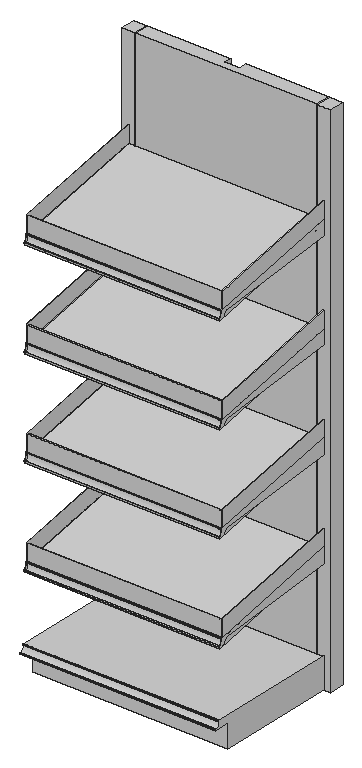
Revit family "ML7", category Specialty Equipment, Revit 2012
Parameters (values of type "Maxi Line Angled Shelves End (Default)")
  URL = "http://www.madixinc.com/display/maxiline/shelvesaccessories/sus.html"
  Model = "Maxi Line"
  Manufacturer = "© 2012 Madix, Inc. All rights reserved."
  "Front" Base Shelf [instance] = yes
  "Front" 2' Shelf [instance] = yes
  "Front" 3' 6" Shelf [instance] = yes
  "Front" 5' Shelf [instance] = yes
  "Front" 6' 6" Shelf [instance] = yes
  Width = 3' - 0"
  Height = 8' - 0"
  "Front" Shelf Depth = 2' - 0"
  "Back" Shelf Depth = 2' - 0"
Reference planes (in)
  plane 1 "Center (Front/Back)": y = 0
  plane 2: z = 0
  plane 3 "Center (Left/Right)": x = 0
  plane 4: y = 1.375
  plane 5: y = -1.375
  plane 6: x = -18
  plane 7: x = 18
  plane 8: x = -19.25
  plane 9: x = 19.25
  plane 10: y = -25.375
  plane 11: y = 25.375
  plane 12: z = 96
  plane 13: x = -17.875
  plane 14: x = 17.875
  plane 15: z = 5.5
  plane 16: z = 23.5
  plane 17: z = 41.5
  plane 18: z = 59.5
  plane 19: z = 77.5
  plane 20: y = -24.72931
  plane 21: y = 24.72931
Forms (in)
  Extrusion 1, solid, material "Metal - Steel"
    sketch origin (0, 0, 0) x (1, 0, 0) y (0, 1, 0)
      loop
        line (-19.25, 1.375) -> (-19.25, -1.375) -> (-16.75, -1.375) -> (-16.75, 1.375) -> (-19.25, 1.375)
      loop
        line (-16.71875, 1.375) -> (-16.71875, -1.375) -> (16.71875, -1.375) -> (16.71875, 1.375) -> (1.375, 1.375) -> (1.375, 0.125) -> (-1.375, 0.125) -> (-1.375, 1.375) -> (-16.71875, 1.375)
      loop
        line (19.25, 1.375) -> (16.75, 1.375) -> (16.75, -1.375) -> (19.25, -1.375) -> (19.25, 1.375)
    from 0 to 96
  Extrusion 2, solid, material "Metal - Steel", visible <- ""Front" 2' Shelf"
    sketch origin (0, 0, 0) x (0, 1, 0) y (0, 0, 1)
      loop
        line (-1.375, 23.5) -> (-24.60431, 18.88342) -> (-24.60431, 21.84993) -> (-24.72931, 21.84993) -> (-24.72931, 18.84993) -> (-24.88241, 18.8089) -> (-24.85005, 18.68816) -> (-24.72931, 18.72052)
        arc (-24.72931, 18.72052) -> (-24.81726, 18.03659) -> (-25.16259, 17.43974) r 1.75
        line (-25.16259, 17.43974) -> (-25.19494, 17.59995) -> (-25.31568, 17.57557) -> (-25.25097, 17.25514) -> (-1.375, 22.0765) -> (-1.375, 23.5)
    from -17.875 to 17.875
  Extrusion 3, solid, material "Metal - Steel", visible <- ""Front" Base Shelf"
    sketch origin (0, 0, 0) x (1, 0, 0) y (0, 1, 0)
      loop
        line (-18, -1.375) -> (-18, -23.375) -> (18, -23.375) -> (18, -1.375) -> (-18, -1.375)
    from 0 to 4.125
  Extrusion 4, solid, material "Metal - Steel", visible <- ""Front" Base Shelf"
    sketch origin (0, 0, 0) x (0, 1, 0) y (0, 0, 1)
      loop
        line (-1.375, 5.5) -> (-25.375, 5.5) -> (-25.5, 5.5) -> (-25.5, 5.375) -> (-25.375, 5.375)
        arc (-25.375, 5.375) -> (-25.63696, 4.73714) -> (-26.125, 4.25) r 1.75
        line (-26.125, 4.25) -> (-26.125, 4.375) -> (-26.25, 4.375) -> (-26.25, 4.125) -> (-1.375, 4.125) -> (-1.375, 5.5)
    from -18 to 18
  Extrusion 5, solid, material "Metal - Steel", visible <- ""Front" 2' Shelf"
    sketch origin (0, 0, 0) x (0, 1, 0) y (0, 0, 1)
      loop
        line (-24.88241, 18.8089) -> (-24.85005, 18.68816)
        arc (-24.85005, 18.68816) -> (-24.97576, 18.06515) -> (-25.31568, 17.52812) r 1.75
        line (-25.31568, 17.52812) -> (-25.25097, 17.28664) -> (-24.28505, 17.54546) -> (-24.34975, 17.78694) -> (-23.78707, 18.58476) -> (-23.54559, 18.64947) -> (-23.51324, 18.52872) -> (-1.375, 20.75) -> (-1.375, 23.5) -> (-24.72931, 18.84993) -> (-24.88241, 18.8089)
      loop
        circle (-3.42759, 22.43237) r 0.125
      loop
        circle (-21.61374, 19.1671) r 0.125
      loop
        line (-1.375, 26.5) -> (-24.72931, 21.84993) -> (-24.72931, 18.88118) -> (-1.375, 23.53125) -> (-1.375, 26.5)
    from -18 to -17.875
  Extrusion 6, solid, material "Metal - Steel", visible <- ""Front" 2' Shelf"
    sketch origin (0, 0, 0) x (0, 1, 0) y (0, 0, -1)
      loop
        line (-24.88241, -18.8089) -> (-24.72931, -18.84993) -> (-1.375, -23.5) -> (-1.375, -20.75) -> (-23.51324, -18.52872) -> (-23.54559, -18.64947) -> (-23.78707, -18.58476) -> (-24.34975, -17.78694) -> (-24.28505, -17.54546) -> (-25.25097, -17.28664) -> (-25.31568, -17.52812)
        arc (-25.31568, -17.52812) -> (-24.97576, -18.06515) -> (-24.85005, -18.68816) r 1.75
        line (-24.85005, -18.68816) -> (-24.88241, -18.8089)
      loop
        circle (-3.42759, -22.43237) r 0.125
      loop
        circle (-21.61374, -19.1671) r 0.125
      loop
        line (-1.375, -26.5) -> (-1.375, -23.53125) -> (-24.72931, -18.88118) -> (-24.72931, -21.84993) -> (-1.375, -26.5)
    from -18 to -17.875
  Extrusion 7, solid, material "Metal - Steel", visible <- ""Front" 3' 6" Shelf"
    sketch origin (0, 0, 18) x (0, 1, 0) y (0, 0, 1)
      loop
        line (-1.375, 23.5) -> (-24.60431, 18.88342) -> (-24.60431, 21.84993) -> (-24.72931, 21.84993) -> (-24.72931, 18.84993) -> (-24.88241, 18.8089) -> (-24.85005, 18.68816) -> (-24.72931, 18.72052)
        arc (-24.72931, 18.72052) -> (-24.81726, 18.03659) -> (-25.16259, 17.43974) r 1.75
        line (-25.16259, 17.43974) -> (-25.19494, 17.59995) -> (-25.31568, 17.57557) -> (-25.25097, 17.25514) -> (-1.375, 22.0765) -> (-1.375, 23.5)
    from -17.875 to 17.875
  Extrusion 8, solid, material "Metal - Steel", visible <- ""Front" 5' Shelf"
    sketch origin (0, 0, 36) x (0, 1, 0) y (0, 0, 1)
      loop
        line (-1.375, 23.5) -> (-24.60431, 18.88342) -> (-24.60431, 21.84993) -> (-24.72931, 21.84993) -> (-24.72931, 18.84993) -> (-24.88241, 18.8089) -> (-24.85005, 18.68816) -> (-24.72931, 18.72052)
        arc (-24.72931, 18.72052) -> (-24.81726, 18.03659) -> (-25.16259, 17.43974) r 1.75
        line (-25.16259, 17.43974) -> (-25.19494, 17.59995) -> (-25.31568, 17.57557) -> (-25.25097, 17.25514) -> (-1.375, 22.0765) -> (-1.375, 23.5)
    from -17.875 to 17.875
  Extrusion 9, solid, material "Metal - Steel", visible <- ""Front" 6' 6" Shelf"
    sketch origin (0, 0, 54) x (0, 1, 0) y (0, 0, 1)
      loop
        line (-1.375, 23.5) -> (-24.60431, 18.88342) -> (-24.60431, 21.84993) -> (-24.72931, 21.84993) -> (-24.72931, 18.84993) -> (-24.88241, 18.8089) -> (-24.85005, 18.68816) -> (-24.72931, 18.72052)
        arc (-24.72931, 18.72052) -> (-24.81726, 18.03659) -> (-25.16259, 17.43974) r 1.75
        line (-25.16259, 17.43974) -> (-25.19494, 17.59995) -> (-25.31568, 17.57557) -> (-25.25097, 17.25514) -> (-1.375, 22.0765) -> (-1.375, 23.5)
    from -17.875 to 17.875
  Extrusion 10, solid, material "Metal - Steel", visible <- ""Front" 3' 6" Shelf"
    sketch origin (0, 0, 18) x (0, 1, 0) y (0, 0, 1)
      loop
        line (-24.88241, 18.8089) -> (-24.85005, 18.68816)
        arc (-24.85005, 18.68816) -> (-24.97576, 18.06515) -> (-25.31568, 17.52812) r 1.75
        line (-25.31568, 17.52812) -> (-25.25097, 17.28664) -> (-24.28505, 17.54546) -> (-24.34975, 17.78694) -> (-23.78707, 18.58476) -> (-23.54559, 18.64947) -> (-23.51324, 18.52872) -> (-1.375, 20.75) -> (-1.375, 23.5) -> (-24.72931, 18.84993) -> (-24.88241, 18.8089)
      loop
        circle (-3.42759, 22.43237) r 0.125
      loop
        circle (-21.61374, 19.1671) r 0.125
      loop
        line (-1.375, 26.5) -> (-24.72931, 21.84993) -> (-24.72931, 18.88118) -> (-1.375, 23.53125) -> (-1.375, 26.5)
    from -18 to -17.875
  Extrusion 11, solid, material "Metal - Steel", visible <- ""Front" 5' Shelf"
    sketch origin (0, 0, 36) x (0, 1, 0) y (0, 0, 1)
      loop
        line (-24.88241, 18.8089) -> (-24.85005, 18.68816)
        arc (-24.85005, 18.68816) -> (-24.97576, 18.06515) -> (-25.31568, 17.52812) r 1.75
        line (-25.31568, 17.52812) -> (-25.25097, 17.28664) -> (-24.28505, 17.54546) -> (-24.34975, 17.78694) -> (-23.78707, 18.58476) -> (-23.54559, 18.64947) -> (-23.51324, 18.52872) -> (-1.375, 20.75) -> (-1.375, 23.5) -> (-24.72931, 18.84993) -> (-24.88241, 18.8089)
      loop
        circle (-3.42759, 22.43237) r 0.125
      loop
        circle (-21.61374, 19.1671) r 0.125
      loop
        line (-1.375, 26.5) -> (-24.72931, 21.84993) -> (-24.72931, 18.88118) -> (-1.375, 23.53125) -> (-1.375, 26.5)
    from -18 to -17.875
  Extrusion 12, solid, material "Metal - Steel", visible <- ""Front" 6' 6" Shelf"
    sketch origin (0, 0, 54) x (0, 1, 0) y (0, 0, 1)
      loop
        line (-24.88241, 18.8089) -> (-24.85005, 18.68816)
        arc (-24.85005, 18.68816) -> (-24.97576, 18.06515) -> (-25.31568, 17.52812) r 1.75
        line (-25.31568, 17.52812) -> (-25.25097, 17.28664) -> (-24.28505, 17.54546) -> (-24.34975, 17.78694) -> (-23.78707, 18.58476) -> (-23.54559, 18.64947) -> (-23.51324, 18.52872) -> (-1.375, 20.75) -> (-1.375, 23.5) -> (-24.72931, 18.84993) -> (-24.88241, 18.8089)
      loop
        circle (-3.42759, 22.43237) r 0.125
      loop
        circle (-21.61374, 19.1671) r 0.125
      loop
        line (-1.375, 26.5) -> (-24.72931, 21.84993) -> (-24.72931, 18.88118) -> (-1.375, 23.53125) -> (-1.375, 26.5)
    from -18 to -17.875
  Extrusion 13, solid, material "Metal - Steel", visible <- ""Front" 3' 6" Shelf"
    sketch origin (0, 0, 18) x (0, 1, 0) y (0, 0, -1)
      loop
        line (-24.88241, -18.8089) -> (-24.72931, -18.84993) -> (-1.375, -23.5) -> (-1.375, -20.75) -> (-23.51324, -18.52872) -> (-23.54559, -18.64947) -> (-23.78707, -18.58476) -> (-24.34975, -17.78694) -> (-24.28505, -17.54546) -> (-25.25097, -17.28664) -> (-25.31568, -17.52812)
        arc (-25.31568, -17.52812) -> (-24.97576, -18.06515) -> (-24.85005, -18.68816) r 1.75
        line (-24.85005, -18.68816) -> (-24.88241, -18.8089)
      loop
        circle (-3.42759, -22.43237) r 0.125
      loop
        circle (-21.61374, -19.1671) r 0.125
      loop
        line (-1.375, -26.5) -> (-1.375, -23.53125) -> (-24.72931, -18.88118) -> (-24.72931, -21.84993) -> (-1.375, -26.5)
    from -18 to -17.875
  Extrusion 14, solid, material "Metal - Steel", visible <- ""Front" 5' Shelf"
    sketch origin (0, 0, 36) x (0, 1, 0) y (0, 0, -1)
      loop
        line (-24.88241, -18.8089) -> (-24.72931, -18.84993) -> (-1.375, -23.5) -> (-1.375, -20.75) -> (-23.51324, -18.52872) -> (-23.54559, -18.64947) -> (-23.78707, -18.58476) -> (-24.34975, -17.78694) -> (-24.28505, -17.54546) -> (-25.25097, -17.28664) -> (-25.31568, -17.52812)
        arc (-25.31568, -17.52812) -> (-24.97576, -18.06515) -> (-24.85005, -18.68816) r 1.75
        line (-24.85005, -18.68816) -> (-24.88241, -18.8089)
      loop
        circle (-3.42759, -22.43237) r 0.125
      loop
        circle (-21.61374, -19.1671) r 0.125
      loop
        line (-1.375, -26.5) -> (-1.375, -23.53125) -> (-24.72931, -18.88118) -> (-24.72931, -21.84993) -> (-1.375, -26.5)
    from -18 to -17.875
  Extrusion 15, solid, material "Metal - Steel", visible <- ""Front" 6' 6" Shelf"
    sketch origin (0, 0, 54) x (0, 1, 0) y (0, 0, -1)
      loop
        line (-24.88241, -18.8089) -> (-24.72931, -18.84993) -> (-1.375, -23.5) -> (-1.375, -20.75) -> (-23.51324, -18.52872) -> (-23.54559, -18.64947) -> (-23.78707, -18.58476) -> (-24.34975, -17.78694) -> (-24.28505, -17.54546) -> (-25.25097, -17.28664) -> (-25.31568, -17.52812)
        arc (-25.31568, -17.52812) -> (-24.97576, -18.06515) -> (-24.85005, -18.68816) r 1.75
        line (-24.85005, -18.68816) -> (-24.88241, -18.8089)
      loop
        circle (-3.42759, -22.43237) r 0.125
      loop
        circle (-21.61374, -19.1671) r 0.125
      loop
        line (-1.375, -26.5) -> (-1.375, -23.53125) -> (-24.72931, -18.88118) -> (-24.72931, -21.84993) -> (-1.375, -26.5)
    from -18 to -17.875
Cuts and joins
  joined: Extrusion 3, Extrusion 4
Dimensions and locks (in)
  locked: plane 8 to plane 6 at 1.25
  locked: plane 7 to plane 9 at 1.25
  ""Front" Shelf Depth": plane 5 to plane 10
  ""Back" Shelf Depth": plane 11 to plane 4
  "Height": plane 12 to level
  equal spacing: plane 6, plane 3 "Center (Left/Right)", plane 7
  "Width": plane 6 to plane 7
  locked: plane 6 to plane 13 at 0.125
  locked: plane 14 to plane 7 at 0.125
  locked: plane 20 to plane 10 at 0.64569
  locked: plane 11 to plane 21 at 0.64569
  aligned and locked: level to plane 2
  aligned and locked: plane 12 to Extrusion 1
  aligned and locked: Extrusion 4 to plane 6
  aligned and locked: Extrusion 2 to plane 13
  aligned and locked: Extrusion 4 to plane 7
  aligned and locked: Extrusion 2 to plane 14
  aligned and locked: Extrusion 5 to plane 6
  aligned and locked: plane 13 to Extrusion 5
  aligned and locked: Extrusion 12 to plane 6
  aligned and locked: plane 13 to Extrusion 12
  aligned and locked: Extrusion 11 to plane 6
  aligned and locked: plane 13 to Extrusion 11
  aligned and locked: Extrusion 10 to plane 6
  aligned and locked: plane 13 to Extrusion 10
  aligned and locked: Extrusion 9 to plane 13
  aligned and locked: Extrusion 8 to plane 13
  aligned and locked: Extrusion 7 to plane 13
  aligned and locked: plane 14 to Extrusion 15
  aligned and locked: Extrusion 9 to plane 14
  aligned and locked: Extrusion 14 to plane 7
  aligned and locked: plane 14 to Extrusion 14
  aligned and locked: Extrusion 13 to plane 7
  aligned and locked: plane 14 to Extrusion 13
  aligned and locked: Extrusion 8 to plane 14
  aligned and locked: Extrusion 6 to plane 7
  aligned and locked: plane 14 to Extrusion 6
  aligned and locked: Extrusion 15 to plane 7
  aligned and locked: Extrusion 7 to plane 14
Automatic sketch dimensions
  Extrusion 2 sketch curve to plane 20 = 0' - 0"  (x2)
  Extrusion 2 sketch curve to plane 5 = 0' - 0"
  plane 16 to Extrusion 2 sketch curve = 0' - 0"
  plane 20 to Extrusion 2 sketch curve = 0' - 0.12074"
  Extrusion 2 sketch curve to Extrusion 2 sketch curve = 0' - 0.03235"  (x2)
  plane 10 to Extrusion 2 sketch curve = 0' - 0.21241"
  plane 10 to Extrusion 2 sketch curve = 0' - 0.12403"
  plane 10 to Extrusion 2 sketch curve = 0' - 0.05932"
  Extrusion 2 sketch curve to plane 10 = 0' - 1.09997"
  Extrusion 2 sketch curve to plane 20 = 0' - 0 1/8"
  Extrusion 2 sketch curve to Extrusion 2 sketch curve = 0' - 1.4235"
  plane 16 to Extrusion 2 sketch curve = 0' - 1.65007"
  Extrusion 2 sketch curve to Extrusion 2 sketch curve = 0' - 2.96651"
  Extrusion 2 sketch curve to Extrusion 2 sketch curve = 0' - 0.03349"
  Extrusion 2 sketch curve to Extrusion 2 sketch curve = 0' - 0.04102"
  Extrusion 2 sketch curve to Extrusion 2 sketch curve = 0' - 0.21153"
  plane 5 to Extrusion 3 sketch curve = 0' - 0"
  Extrusion 3 sketch curve to plane 6 = 0' - 0"
  Extrusion 3 sketch curve to plane 7 = 0' - 0"
  Extrusion 3 sketch curve to plane 20 = 0' - 1.35431"
  plane 15 to Extrusion 4 sketch curve = 0' - 0"
  Extrusion 4 sketch curve to plane 10 = 0' - 0"  (x2)
  Extrusion 4 sketch curve to plane 5 = 0' - 0"
  Extrusion 4 sketch curve to Extrusion 4 sketch curve = 0' - 0 1/8"  (x4)
  Extrusion 4 sketch curve to plane 10 = 0' - 0 3/4"
  Extrusion 4 sketch curve to plane 15 = 0' - 0.20787"
  Extrusion 4 sketch curve to Extrusion 4 sketch curve = 0' - 0.84305"
  Extrusion 4 sketch curve to Extrusion 4 sketch curve = 0' - 1 3/8"
  Extrusion 5 sketch curve to plane 20 = 0' - 0"  (x2)
  Extrusion 5 sketch curve to plane 5 = 0' - 0"  (x2)
  plane 16 to Extrusion 5 sketch curve = 0' - 0"
  plane 20 to Extrusion 5 sketch curve = 0' - 0.12074"
  Extrusion 5 sketch curve to Extrusion 5 sketch curve = 0' - 0.03235"  (x2)
  plane 10 to Extrusion 5 sketch curve = 0' - 0.12403"
  plane 10 to Extrusion 5 sketch curve = 0' - 0.05932"
  Extrusion 5 sketch curve to plane 10 = 0' - 1.22482"
  Extrusion 5 sketch curve to plane 20 = 0' - 0.37956"
  Extrusion 5 sketch curve to Extrusion 5 sketch curve = 0' - 0.0647"  (x2)
  Extrusion 5 sketch curve to plane 20 = 0' - 0.94224"
  Extrusion 5 sketch curve to Extrusion 5 sketch curve = 0' - 0.24148"
  Extrusion 5 sketch curve to Extrusion 5 sketch curve = 0' - 1.93185"
  plane 5 to Extrusion 5 sketch curve = 0' - 2.05259"
  plane 16 to Extrusion 5 sketch curve = 0' - 1.06763"
  plane 16 to Extrusion 5 sketch curve = 0' - 1.65007"
  Extrusion 5 sketch curve to Extrusion 5 sketch curve = 0' - 1.68237"
  Extrusion 5 sketch curve to Extrusion 5 sketch curve = 0' - 2.68282"
  Extrusion 5 sketch curve to Extrusion 5 sketch curve = 0' - 2 31/32"  (x2)
  Extrusion 5 sketch curve to Extrusion 5 sketch curve = 0' - 0 1/32"
  Extrusion 5 sketch curve to Extrusion 5 sketch curve = 0' - 0.04102"
  Extrusion 5 sketch curve to Extrusion 5 sketch curve = 0' - 0.09188"
  Extrusion 5 sketch curve to Extrusion 5 sketch curve = 0' - 0.20046"
  Extrusion 5 sketch curve to Extrusion 5 sketch curve = 0' - 0.79782"
  Extrusion 5 sketch curve to plane 16 = 0' - 0 1/32"
  Extrusion 6 sketch curve to plane 20 = 0' - 0"  (x2)
  Extrusion 6 sketch curve to plane 5 = 0' - 0"  (x2)
  plane 16 to Extrusion 6 sketch curve = 0' - 0"
  plane 20 to Extrusion 6 sketch curve = 0' - 0.12074"
  Extrusion 6 sketch curve to Extrusion 6 sketch curve = 0' - 0.03235"  (x2)
  plane 10 to Extrusion 6 sketch curve = 0' - 0.12403"
  plane 10 to Extrusion 6 sketch curve = 0' - 0.05932"
  Extrusion 6 sketch curve to plane 10 = 0' - 1.22482"
  Extrusion 6 sketch curve to plane 20 = 0' - 0.37956"
  Extrusion 6 sketch curve to Extrusion 6 sketch curve = 0' - 0.0647"  (x2)
  Extrusion 6 sketch curve to plane 20 = 0' - 0.94224"
  Extrusion 6 sketch curve to Extrusion 6 sketch curve = 0' - 0.24148"
  Extrusion 6 sketch curve to Extrusion 6 sketch curve = 0' - 1.93185"
  plane 5 to Extrusion 6 sketch curve = 0' - 2.05259"
  Extrusion 6 sketch curve to Extrusion 6 sketch curve = 0' - 0 1/32"  (x2)
  Extrusion 6 sketch curve to Extrusion 6 sketch curve = 0' - 2 31/32"  (x2)
  plane 16 to Extrusion 6 sketch curve = 0' - 1.06763"
  plane 16 to Extrusion 6 sketch curve = 0' - 1.65007"
  Extrusion 6 sketch curve to Extrusion 6 sketch curve = 0' - 1.68237"
  Extrusion 6 sketch curve to Extrusion 6 sketch curve = 0' - 2.68282"
  Extrusion 6 sketch curve to Extrusion 6 sketch curve = 0' - 0.04102"
  Extrusion 6 sketch curve to Extrusion 6 sketch curve = 0' - 0.09188"
  Extrusion 6 sketch curve to Extrusion 6 sketch curve = 0' - 0.20046"
  Extrusion 6 sketch curve to Extrusion 6 sketch curve = 0' - 0.79782"
  Extrusion 7 sketch curve to plane 20 = 0' - 0"  (x2)
  Extrusion 7 sketch curve to plane 5 = 0' - 0"
  Extrusion 7 sketch curve to plane 17 = 0' - 0"
  plane 20 to Extrusion 7 sketch curve = 0' - 0.12074"
  Extrusion 7 sketch curve to Extrusion 7 sketch curve = 0' - 0.03235"  (x2)
  plane 10 to Extrusion 7 sketch curve = 0' - 0.21241"
  plane 10 to Extrusion 7 sketch curve = 0' - 0.12403"
  plane 10 to Extrusion 7 sketch curve = 0' - 0.05932"
  Extrusion 7 sketch curve to plane 10 = 0' - 1.09997"
  Extrusion 7 sketch curve to plane 20 = 0' - 0 1/8"
  Extrusion 7 sketch curve to Extrusion 7 sketch curve = 0' - 1.4235"
  Extrusion 7 sketch curve to plane 17 = 0' - 1.65007"
  Extrusion 7 sketch curve to Extrusion 7 sketch curve = 0' - 2.96651"
  Extrusion 7 sketch curve to Extrusion 7 sketch curve = 0' - 0.03349"
  Extrusion 7 sketch curve to Extrusion 7 sketch curve = 0' - 0.04102"
  Extrusion 7 sketch curve to Extrusion 7 sketch curve = 0' - 0.21153"
  Extrusion 8 sketch curve to plane 20 = 0' - 0"  (x2)
  Extrusion 8 sketch curve to plane 5 = 0' - 0"
  Extrusion 8 sketch curve to plane 18 = 0' - 0"
  plane 20 to Extrusion 8 sketch curve = 0' - 0.12074"
  Extrusion 8 sketch curve to Extrusion 8 sketch curve = 0' - 0.03235"  (x2)
  plane 10 to Extrusion 8 sketch curve = 0' - 0.21241"
  plane 10 to Extrusion 8 sketch curve = 0' - 0.12403"
  plane 10 to Extrusion 8 sketch curve = 0' - 0.05932"
  Extrusion 8 sketch curve to plane 10 = 0' - 1.09997"
  Extrusion 8 sketch curve to plane 20 = 0' - 0 1/8"
  Extrusion 8 sketch curve to Extrusion 8 sketch curve = 0' - 1.4235"
  Extrusion 8 sketch curve to plane 18 = 0' - 1.65007"
  Extrusion 8 sketch curve to Extrusion 8 sketch curve = 0' - 2.96651"
  Extrusion 8 sketch curve to Extrusion 8 sketch curve = 0' - 0.03349"
  Extrusion 8 sketch curve to Extrusion 8 sketch curve = 0' - 0.04102"
  Extrusion 8 sketch curve to Extrusion 8 sketch curve = 0' - 0.21153"
  Extrusion 9 sketch curve to plane 20 = 0' - 0"  (x2)
  Extrusion 9 sketch curve to plane 5 = 0' - 0"
  plane 19 to Extrusion 9 sketch curve = 0' - 0"
  plane 20 to Extrusion 9 sketch curve = 0' - 0.12074"
  Extrusion 9 sketch curve to Extrusion 9 sketch curve = 0' - 0.03235"  (x2)
  plane 10 to Extrusion 9 sketch curve = 0' - 0.21241"
  plane 10 to Extrusion 9 sketch curve = 0' - 0.12403"
  plane 10 to Extrusion 9 sketch curve = 0' - 0.05932"
  Extrusion 9 sketch curve to plane 10 = 0' - 1.09997"
  Extrusion 9 sketch curve to plane 20 = 0' - 0 1/8"
  Extrusion 9 sketch curve to Extrusion 9 sketch curve = 0' - 1.4235"
  plane 19 to Extrusion 9 sketch curve = 0' - 1.65007"
  Extrusion 9 sketch curve to Extrusion 9 sketch curve = 0' - 2.96651"
  Extrusion 9 sketch curve to Extrusion 9 sketch curve = 0' - 0.03349"
  Extrusion 9 sketch curve to Extrusion 9 sketch curve = 0' - 0.04102"
  Extrusion 9 sketch curve to Extrusion 9 sketch curve = 0' - 0.21153"
  Extrusion 10 sketch curve to plane 20 = 0' - 0"  (x2)
  Extrusion 10 sketch curve to plane 5 = 0' - 0"  (x2)
  Extrusion 10 sketch curve to plane 17 = 0' - 0"
  plane 20 to Extrusion 10 sketch curve = 0' - 0.12074"
  Extrusion 10 sketch curve to Extrusion 10 sketch curve = 0' - 0.03235"  (x2)
  plane 10 to Extrusion 10 sketch curve = 0' - 0.12403"
  plane 10 to Extrusion 10 sketch curve = 0' - 0.05932"
  Extrusion 10 sketch curve to plane 10 = 0' - 1.22482"
  Extrusion 10 sketch curve to plane 20 = 0' - 0.37956"
  Extrusion 10 sketch curve to Extrusion 10 sketch curve = 0' - 0.0647"  (x2)
  Extrusion 10 sketch curve to plane 20 = 0' - 0.94224"
  Extrusion 10 sketch curve to Extrusion 10 sketch curve = 0' - 0.24148"
  Extrusion 10 sketch curve to Extrusion 10 sketch curve = 0' - 1.93185"
  plane 5 to Extrusion 10 sketch curve = 0' - 2.05259"
  Extrusion 10 sketch curve to plane 17 = 0' - 1.06763"
  Extrusion 10 sketch curve to plane 17 = 0' - 1.65007"
  Extrusion 10 sketch curve to Extrusion 10 sketch curve = 0' - 1.68237"
  Extrusion 10 sketch curve to Extrusion 10 sketch curve = 0' - 2.68282"
  Extrusion 10 sketch curve to Extrusion 10 sketch curve = 0' - 2 31/32"  (x2)
  Extrusion 10 sketch curve to Extrusion 10 sketch curve = 0' - 0 1/32"
  Extrusion 10 sketch curve to Extrusion 10 sketch curve = 0' - 0.04102"
  Extrusion 10 sketch curve to Extrusion 10 sketch curve = 0' - 0.09188"
  Extrusion 10 sketch curve to Extrusion 10 sketch curve = 0' - 0.20046"
  Extrusion 10 sketch curve to Extrusion 10 sketch curve = 0' - 0.79782"
  plane 17 to Extrusion 10 sketch curve = 0' - 0 1/32"
  Extrusion 11 sketch curve to plane 20 = 0' - 0"  (x2)
  Extrusion 11 sketch curve to plane 5 = 0' - 0"  (x2)
  Extrusion 11 sketch curve to plane 18 = 0' - 0"
  plane 20 to Extrusion 11 sketch curve = 0' - 0.12074"
  Extrusion 11 sketch curve to Extrusion 11 sketch curve = 0' - 0.03235"  (x2)
  plane 10 to Extrusion 11 sketch curve = 0' - 0.12403"
  plane 10 to Extrusion 11 sketch curve = 0' - 0.05932"
  Extrusion 11 sketch curve to plane 10 = 0' - 1.22482"
  Extrusion 11 sketch curve to plane 20 = 0' - 0.37956"
  Extrusion 11 sketch curve to Extrusion 11 sketch curve = 0' - 0.0647"  (x2)
  Extrusion 11 sketch curve to plane 20 = 0' - 0.94224"
  Extrusion 11 sketch curve to Extrusion 11 sketch curve = 0' - 0.24148"
  Extrusion 11 sketch curve to Extrusion 11 sketch curve = 0' - 1.93185"
  plane 5 to Extrusion 11 sketch curve = 0' - 2.05259"
  Extrusion 11 sketch curve to plane 18 = 0' - 1.06763"
  Extrusion 11 sketch curve to plane 18 = 0' - 1.65007"
  Extrusion 11 sketch curve to Extrusion 11 sketch curve = 0' - 1.68237"
  Extrusion 11 sketch curve to Extrusion 11 sketch curve = 0' - 2.68282"
  Extrusion 11 sketch curve to Extrusion 11 sketch curve = 0' - 2 31/32"  (x2)
  Extrusion 11 sketch curve to Extrusion 11 sketch curve = 0' - 0 1/32"
  Extrusion 11 sketch curve to Extrusion 11 sketch curve = 0' - 0.04102"
  Extrusion 11 sketch curve to Extrusion 11 sketch curve = 0' - 0.09188"
  Extrusion 11 sketch curve to Extrusion 11 sketch curve = 0' - 0.20046"
  Extrusion 11 sketch curve to Extrusion 11 sketch curve = 0' - 0.79782"
  plane 18 to Extrusion 11 sketch curve = 0' - 0 1/32"
  Extrusion 12 sketch curve to plane 20 = 0' - 0"  (x2)
  Extrusion 12 sketch curve to plane 5 = 0' - 0"  (x2)
  plane 19 to Extrusion 12 sketch curve = 0' - 0"
  plane 20 to Extrusion 12 sketch curve = 0' - 0.12074"
  Extrusion 12 sketch curve to Extrusion 12 sketch curve = 0' - 0.03235"  (x2)
  plane 10 to Extrusion 12 sketch curve = 0' - 0.12403"
  plane 10 to Extrusion 12 sketch curve = 0' - 0.05932"
  Extrusion 12 sketch curve to plane 10 = 0' - 1.22482"
  Extrusion 12 sketch curve to plane 20 = 0' - 0.37956"
  Extrusion 12 sketch curve to Extrusion 12 sketch curve = 0' - 0.0647"  (x2)
  Extrusion 12 sketch curve to plane 20 = 0' - 0.94224"
  Extrusion 12 sketch curve to Extrusion 12 sketch curve = 0' - 0.24148"
  Extrusion 12 sketch curve to Extrusion 12 sketch curve = 0' - 1.93185"
  plane 5 to Extrusion 12 sketch curve = 0' - 2.05259"
  plane 19 to Extrusion 12 sketch curve = 0' - 1.06763"
  plane 19 to Extrusion 12 sketch curve = 0' - 1.65007"
  Extrusion 12 sketch curve to Extrusion 12 sketch curve = 0' - 1.68237"
  Extrusion 12 sketch curve to Extrusion 12 sketch curve = 0' - 2.68282"
  Extrusion 12 sketch curve to Extrusion 12 sketch curve = 0' - 2 31/32"  (x2)
  Extrusion 12 sketch curve to Extrusion 12 sketch curve = 0' - 0 1/32"
  Extrusion 12 sketch curve to Extrusion 12 sketch curve = 0' - 0.04102"
  Extrusion 12 sketch curve to Extrusion 12 sketch curve = 0' - 0.09188"
  Extrusion 12 sketch curve to Extrusion 12 sketch curve = 0' - 0.20046"
  Extrusion 12 sketch curve to Extrusion 12 sketch curve = 0' - 0.79782"
  Extrusion 12 sketch curve to plane 19 = 0' - 0 1/32"
  Extrusion 13 sketch curve to plane 20 = 0' - 0"  (x2)
  Extrusion 13 sketch curve to plane 5 = 0' - 0"  (x2)
  Extrusion 13 sketch curve to plane 17 = 0' - 0"
  plane 20 to Extrusion 13 sketch curve = 0' - 0.12074"
  Extrusion 13 sketch curve to Extrusion 13 sketch curve = 0' - 0.03235"  (x2)
  plane 10 to Extrusion 13 sketch curve = 0' - 0.12403"
  plane 10 to Extrusion 13 sketch curve = 0' - 0.05932"
  Extrusion 13 sketch curve to plane 10 = 0' - 1.22482"
  Extrusion 13 sketch curve to plane 20 = 0' - 0.37956"
  Extrusion 13 sketch curve to Extrusion 13 sketch curve = 0' - 0.0647"  (x2)
  Extrusion 13 sketch curve to plane 20 = 0' - 0.94224"
  Extrusion 13 sketch curve to Extrusion 13 sketch curve = 0' - 0.24148"
  Extrusion 13 sketch curve to Extrusion 13 sketch curve = 0' - 1.93185"
  plane 5 to Extrusion 13 sketch curve = 0' - 2.05259"
  plane 17 to Extrusion 13 sketch curve = 0' - 0 1/32"
  Extrusion 13 sketch curve to Extrusion 13 sketch curve = 0' - 2 31/32"  (x2)
  Extrusion 13 sketch curve to plane 17 = 0' - 1.06763"
  Extrusion 13 sketch curve to plane 17 = 0' - 1.65007"
  Extrusion 13 sketch curve to Extrusion 13 sketch curve = 0' - 1.68237"
  Extrusion 13 sketch curve to Extrusion 13 sketch curve = 0' - 2.68282"
  Extrusion 13 sketch curve to Extrusion 13 sketch curve = 0' - 0 1/32"
  Extrusion 13 sketch curve to Extrusion 13 sketch curve = 0' - 0.04102"
  Extrusion 13 sketch curve to Extrusion 13 sketch curve = 0' - 0.09188"
  Extrusion 13 sketch curve to Extrusion 13 sketch curve = 0' - 0.20046"
  Extrusion 13 sketch curve to Extrusion 13 sketch curve = 0' - 0.79782"
  Extrusion 14 sketch curve to plane 20 = 0' - 0"  (x2)
  Extrusion 14 sketch curve to plane 5 = 0' - 0"  (x2)
  Extrusion 14 sketch curve to plane 18 = 0' - 0"
  plane 20 to Extrusion 14 sketch curve = 0' - 0.12074"
  Extrusion 14 sketch curve to Extrusion 14 sketch curve = 0' - 0.03235"  (x2)
  plane 10 to Extrusion 14 sketch curve = 0' - 0.12403"
  plane 10 to Extrusion 14 sketch curve = 0' - 0.05932"
  Extrusion 14 sketch curve to plane 10 = 0' - 1.22482"
  Extrusion 14 sketch curve to plane 20 = 0' - 0.37956"
  Extrusion 14 sketch curve to Extrusion 14 sketch curve = 0' - 0.0647"  (x2)
  Extrusion 14 sketch curve to plane 20 = 0' - 0.94224"
  Extrusion 14 sketch curve to Extrusion 14 sketch curve = 0' - 0.24148"
  Extrusion 14 sketch curve to Extrusion 14 sketch curve = 0' - 1.93185"
  plane 5 to Extrusion 14 sketch curve = 0' - 2.05259"
  plane 18 to Extrusion 14 sketch curve = 0' - 0 1/32"
  Extrusion 14 sketch curve to Extrusion 14 sketch curve = 0' - 2 31/32"  (x2)
  Extrusion 14 sketch curve to plane 18 = 0' - 1.06763"
  Extrusion 14 sketch curve to plane 18 = 0' - 1.65007"
  Extrusion 14 sketch curve to Extrusion 14 sketch curve = 0' - 1.68237"
  Extrusion 14 sketch curve to Extrusion 14 sketch curve = 0' - 2.68282"
  Extrusion 14 sketch curve to Extrusion 14 sketch curve = 0' - 0 1/32"
  Extrusion 14 sketch curve to Extrusion 14 sketch curve = 0' - 0.04102"
  Extrusion 14 sketch curve to Extrusion 14 sketch curve = 0' - 0.09188"
  Extrusion 14 sketch curve to Extrusion 14 sketch curve = 0' - 0.20046"
  Extrusion 14 sketch curve to Extrusion 14 sketch curve = 0' - 0.79782"
  Extrusion 15 sketch curve to plane 20 = 0' - 0"  (x2)
  Extrusion 15 sketch curve to plane 5 = 0' - 0"  (x2)
  plane 19 to Extrusion 15 sketch curve = 0' - 0"
  plane 20 to Extrusion 15 sketch curve = 0' - 0.12074"
  Extrusion 15 sketch curve to Extrusion 15 sketch curve = 0' - 0.03235"  (x2)
  plane 10 to Extrusion 15 sketch curve = 0' - 0.12403"
  plane 10 to Extrusion 15 sketch curve = 0' - 0.05932"
  Extrusion 15 sketch curve to plane 10 = 0' - 1.22482"
  Extrusion 15 sketch curve to plane 20 = 0' - 0.37956"
  Extrusion 15 sketch curve to Extrusion 15 sketch curve = 0' - 0.0647"  (x2)
  Extrusion 15 sketch curve to plane 20 = 0' - 0.94224"
  Extrusion 15 sketch curve to Extrusion 15 sketch curve = 0' - 0.24148"
  Extrusion 15 sketch curve to Extrusion 15 sketch curve = 0' - 1.93185"
  plane 5 to Extrusion 15 sketch curve = 0' - 2.05259"
  Extrusion 15 sketch curve to Extrusion 15 sketch curve = 0' - 0 1/32"  (x2)
  Extrusion 15 sketch curve to Extrusion 15 sketch curve = 0' - 2 31/32"  (x2)
  plane 19 to Extrusion 15 sketch curve = 0' - 1.06763"
  plane 19 to Extrusion 15 sketch curve = 0' - 1.65007"
  Extrusion 15 sketch curve to Extrusion 15 sketch curve = 0' - 1.68237"
  Extrusion 15 sketch curve to Extrusion 15 sketch curve = 0' - 2.68282"
  Extrusion 15 sketch curve to Extrusion 15 sketch curve = 0' - 0.04102"
  Extrusion 15 sketch curve to Extrusion 15 sketch curve = 0' - 0.09188"
  Extrusion 15 sketch curve to Extrusion 15 sketch curve = 0' - 0.20046"
  Extrusion 15 sketch curve to Extrusion 15 sketch curve = 0' - 0.79782"
  Extrusion 1 sketch curve to plane 4 = 0' - 0"  (x4)
  Extrusion 1 sketch curve to plane 8 = 0' - 0"
  plane 5 to Extrusion 1 sketch curve = 0' - 0"  (x3)
  Extrusion 1 sketch curve to plane 9 = 0' - 0"
  plane 13 to Extrusion 1 sketch curve = 0' - 1 1/8"
  Extrusion 1 sketch curve to Extrusion 1 sketch curve = 0' - 0 1/32"  (x2)
  Extrusion 1 sketch curve to plane 3 "Center (Left/Right)" = 0' - 1 3/8"
  plane 14 to Extrusion 1 sketch curve = 0' - 1 5/32"
  Extrusion 1 sketch curve to plane 1 "Center (Front/Back)" = 0' - 0 1/8"
  plane 3 "Center (Left/Right)" to Extrusion 1 sketch curve = 0' - 1 3/8"
  radius of Extrusion 5 sketch curve = 0' - 0 1/8"  (x2)
  radius of Extrusion 6 sketch curve = 0' - 0 1/8"  (x2)
  radius of Extrusion 10 sketch curve = 0' - 0 1/8"  (x2)
  radius of Extrusion 11 sketch curve = 0' - 0 1/8"  (x2)
  radius of Extrusion 12 sketch curve = 0' - 0 1/8"  (x2)
  radius of Extrusion 13 sketch curve = 0' - 0 1/8"  (x2)
  radius of Extrusion 14 sketch curve = 0' - 0 1/8"  (x2)
  radius of Extrusion 15 sketch curve = 0' - 0 1/8"  (x2)
